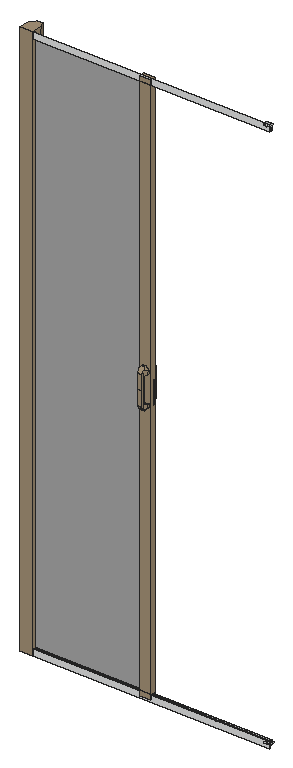
Revit family "Screen_Door_LegacySeries_PhantomScreen-1", category Doors, host Wall, Revit 2026
Family settings
  Host = Wall
  Classification Number = 23.30.60.21
  Always vertical = Yes
  Cut with Voids When Loaded = No
  Shared = No
  Room Calculation Point = No
Parameters (values of type "Type as Specified")
  URL = "http://www.phantomscreens.com/"
  Track Height = 0' - 0.931"
  Track Depth = 0' - 0.511"
  Specification = "http://www.phantomscreens.com/architects-designers/specifications-binder/"
  Slide Bar Width = 0' - 1.732"
  Slide Bar Depth = 0' - 0.866"
  Slide Bar = Dark Knotty Pine
  Sill Height = 0' - 1"
  Sill Depth = 0' - 1.54384"
  Sill [instance] = no
  Screen Thickness = 0' - 0 1/32"
  Screen = Phifer 20/20 Insect Mesh – Gray
  Sales Information = "http://www.phantomscreens.com/support/"
  Revision = "R1_08-2016"
  Product Properties = "http://www.phantomscreens.com/drive/uploads/2015/03/Legacy-Door-Design-Spec-Assembled-View.pdf"
  Product Data = "http://www.arcat.com/arcatcos/cos9540/arc40535.html"
  Percent Open [instance] = 50
  Model = "Legacy Series"
  Manufacturer Website = "http://www.phantomscreens.com/"
  Manufacturer Phone - Toll Free = ""
  Manufacturer Phone = "604-855-3654"
  Manufacturer Fax = "604-855-7834"
  Manufacturer Address = "30451 Simpson Rd.; Abbotsford; BC; Canada V2T 6C7"
  Manufacturer = "Phantom Screens"
  Keynote = "08 11 00"
  Installation-Fabrication = "http://www.phantomscreens.com/architects-designers/options/"
  Housing Width = 0' - 1 7/8"
  Housing Depth = 0' - 2 49/64"
  Handle Width = 0' - 1.266"
  Handle Height = 0' - 6.031"
  Handle Depth = 0' - 0 109/128"
  Function = Interior
  Height [instance] = 7' - 0"
  Wall Closure = By host
  Width [instance] = 3' - 0"
  Drawn By = "Sumex Design - Robert S Weygant"
  Door Opening [instance] = Width * (Percent Open / 100)  # 1' - 6"
  Description = "Phantom Screens Legacy Series Screen"
  Copyright = "� 2016 ARCAT Inc."
  Construction Details = "http://www.arcat.com/details/phantoms/95prod3445.html"
  Assembly Code = "B2020400"
  Aluminum Track = Aluminum - Flat
  Aluminum Housing = Dark Knotty Pine
Reference planes (in)
  plane 1 "Center (Front/Back)": y = 0
  plane 2 "Center (Left/Right)": x = -7.25
  plane 3 "Top": z = 84
  plane 4 "Exterior": y = 2.96884
  plane 5 "Interior": y = -3.03116
  plane 6: x = -27.125
  plane 7: z = 84.931
  plane 8: z = 0.931
  plane 9: y = 3.47984
  plane 10: y = 3.83484
  plane 11: y = 3.44859
  plane 12: x = -8.982
  plane 13 "Track Bar": x = -7.25
  plane 14: x = -25.25
  plane 15: y = 3.41734
  plane 16: y = 4.71756
  plane 17: x = 10.75
  plane 18: z = 1
  plane 19: y = 3.29405
  plane 20: y = 1.425
  plane 21: z = 42.5
  plane 22: z = 45.5155
  plane 23: z = 39.4845
  plane 24 "Handle Placement": x = -8.24596
  plane 25: x = 9.96875
  plane 26: y = 3.55502
  plane 27: y = 2.96884
  plane 28: y = 3.375
  plane 29: y = 5.48446
Forms (in)
  Extrusion 1, solid, material "Dark Knotty Pine" <- "Aluminum Housing"
    sketch origin (0, 0, 0) x (1, 0, 0) y (0, 1, 0)
      loop
        line (-27.125, 2.96884) -> (-25.25, 2.96884) -> (-25.25, 4.6231) -> (-25.74731, 5.48446) -> (-26.1875, 5.48446) -> (-26.66701, 5.48446) -> (-27.125, 4.6231) -> (-27.125, 2.96884)
    from 0 to 84.931
  Extrusion 2, solid, material "Dark Knotty Pine" <- "Slide Bar"
    sketch origin (0, 0, 0) x (1, 0, 0) y (0, 1, 0)
      loop
        line (-8.982, 3.83484) -> (-8.982, 2.96884) -> (-7.25, 2.96884) -> (-7.25, 3.64791) -> (-7.47277, 3.83484) -> (-8.982, 3.83484)
    from 1 to 84
  Extrusion 3, solid, material "Phifer 20/20 Insect Mesh – Gray" <- "Screen"
    sketch origin (0, 0, 0) x (1, 0, 0) y (0, 1, 0)
      loop
        line (-25.25, 3.44859) -> (-25.25, 3.41734) -> (-8.982, 3.41734) -> (-8.982, 3.44859) -> (-25.25, 3.44859)
    from 0.931 to 84
  Extrusion 4, solid, material "Aluminum - Flat" <- "Aluminum Track", visible <- "Sill"
    sketch origin (-7.25, 0, 0) x (0, 1, 0) y (0, 0, 1)
      loop
        line (1.44844, 1) -> (1.44844, 0.931) -> (2.91584, 0.86535) -> (2.91584, 0) -> (3.44078, 0) -> (3.44078, 0.08471) -> (2.99228, 0.08471) -> (2.99228, 0.931) -> (1.44844, 1)
    from -18 to 18
  Extrusion 5, solid, material "Aluminum - Flat"
    sketch origin (-7.25, 0, 0) x (0, 1, 0) y (0, 0, 1)
      loop
        line (3.47984, 84) -> (3.47984, 84.6095) -> (3.09384, 84.6095) -> (3.09384, 84.931) -> (2.96884, 84.931) -> (2.96884, 84) -> (3.09384, 84) -> (3.09384, 84.488) -> (3.35484, 84.488) -> (3.35484, 84) -> (3.47984, 84)
    from -18 to 18
  Extrusion 6, solid, material "Aluminum - Flat"
    sketch origin (-7.25, 0, 0) x (0, 1, 0) y (0, 0, 1)
      loop
        line (3.47984, 0.931) -> (3.35484, 0.931) -> (3.35484, 0.4365) -> (3.09384, 0.4365) -> (3.09384, 0.931) -> (2.96884, 0.931) -> (2.96884, 0) -> (3.09384, 0) -> (3.09384, 0.315) -> (3.47984, 0.315) -> (3.47984, 0.931)
    from -18 to 18
Text (in)
  text "Exterior" at (-62.02911, 27.31104, 0), in view "Ref. Level"
  text "Interior" at (-62.02911, -25.14366, 0), in view "Ref. Level"
  text "Exterior" at (0, 40.15149, 123.01588), in view "Right"
  text "Interior" at (0, -64.39139, 123.01588), in view "Right"
  text "Interior" at (0, -31.01599, 123.00693), in view "Left"
  text "Exterior" at (0, 54.57065, 123.00693), in view "Left"
Dimensions and locks (in)
  "Height": level to plane 3 "Top"
  "Track Height": plane 3 "Top" to plane 7
  "Track Height": level to plane 8
  "Track Depth": plane 9 to plane 4 "Exterior"
  "Slide Bar Depth": plane 10 to plane 4 "Exterior"
  "Screen Thickness": plane 9 to plane 11
  "Slide Bar Width": plane 12 to plane 13 "Track Bar"
  equal spacing: plane 14, plane 2 "Center (Left/Right)", plane 17
  "Screen Thickness": plane 15 to plane 11
  "Width": plane 14 to plane 17
  "Housing Width": plane 6 to plane 14
  "Door Opening": plane 13 "Track Bar" to plane 17
  "Sill Height": level to plane 18
  "Sill Depth": plane 4 "Exterior" to plane 20
  equal spacing: plane 22, plane 21, plane 23
  "Handle Height": plane 23 to plane 22
  locked: plane 13 "Track Bar" to plane 24 "Handle Placement" at 0.99596
  locked: plane 26 to plane 19 at 0.26097
  locked: plane 29 to host wall at 5.51563
  aligned and locked: plane 4 "Exterior" to host wall
  aligned and locked: plane 5 "Interior" to host wall
  aligned and locked: plane 6 to Extrusion 1 sketch curve
  aligned and locked: Extrusion 1 to level
  aligned and locked: Extrusion 1 to plane 7
  aligned and locked: plane 7 to Extrusion 1
  aligned and locked: plane 10 to Extrusion 2 sketch curve
  aligned and locked: plane 12 to Extrusion 2 sketch curve
  aligned and locked: Extrusion 2 sketch curve to plane 4 "Exterior"
  aligned and locked: Extrusion 2 sketch curve to plane 13 "Track Bar"
  aligned and locked: Extrusion 2 to plane 3 "Top"
  aligned and locked: plane 11 to Extrusion 3 sketch curve
  aligned and locked: Extrusion 3 sketch curve to plane 14
  aligned and locked: plane 15 to Extrusion 3 sketch curve
  aligned and locked: Extrusion 3 sketch curve to plane 12
  aligned and locked: Extrusion 3 to plane 3 "Top"
  aligned and locked: Extrusion 1 sketch curve to plane 4 "Exterior"
  aligned and locked: plane 18 to Extrusion 2
  aligned and locked: plane 24 "Handle Placement" to nested 1
  aligned and locked: Extrusion 2 to plane 10
  aligned and locked: nested 2 to plane 24 "Handle Placement"
  aligned and locked: nested 2 to Extrusion 2
  aligned and locked: nested 1 to plane 22
  aligned and locked: nested 2 to plane 23
  aligned and locked: plane 10 to nested 1
  aligned and locked: plane 3 "Top" to Extrusion 5 sketch curve
  aligned and locked: Extrusion 5 sketch curve to plane 7
  aligned and locked: plane 8 to Extrusion 6 sketch curve  (x2)
  aligned and locked: Extrusion 6 sketch curve to Extrusion 1
  aligned and locked: Extrusion 6 to plane 17
  aligned and locked: Extrusion 5 to plane 17
  aligned and locked: plane 14 to Extrusion 5
  aligned and locked: plane 14 to Extrusion 6
  aligned and locked: Extrusion 4 to plane 17
  aligned and locked: plane 14 to Extrusion 4
  aligned and locked: plane 27 to host wall
  aligned and locked: plane 4 "Exterior" to nested 4
  aligned and locked: nested 4 to Extrusion 6
  aligned and locked: nested 5 to plane 12
  aligned and locked: nested 5 to plane 13 "Track Bar"
  aligned and locked: plane 3 "Top" to nested 5
  aligned and locked: Extrusion 2 to plane 12
  aligned and locked: plane 13 "Track Bar" to Extrusion 2
  aligned and locked: nested 6 to Extrusion 2
  aligned and locked: nested 6 to plane 12
  aligned and locked: nested 6 to plane 10
  aligned and locked: plane 4 "Exterior" to nested 6
  aligned and locked: nested 5 to plane 10
  aligned and locked: plane 4 "Exterior" to nested 5
  aligned and locked: plane 4 "Exterior" to nested 3
  aligned and locked: plane 29 to Extrusion 1  (x2)
Automatic sketch dimensions
  Extrusion 2 sketch curve to plane 9 = 0' - 0.16807"
  Extrusion 2 sketch curve to Extrusion 2 sketch curve = 0' - 0.22277"
  plane 8 to Extrusion 4 sketch curve = 0' - 0"  (x2)
  plane 18 to Extrusion 4 sketch curve = 0' - 0"
  Extrusion 4 sketch curve to level = 0' - 0"
  plane 20 to Extrusion 4 sketch curve = 0' - 0 3/128"
  Extrusion 4 sketch curve to host wall = 0' - 0.053"
  host wall to Extrusion 4 sketch curve = 0' - 0 3/128"
  plane 11 to Extrusion 4 sketch curve = 0' - 0 1/128"
  level to Extrusion 4 sketch curve = 0' - 0.08471"
  plane 8 to Extrusion 4 sketch curve = 0' - 0.06565"
  Extrusion 5 sketch curve to Extrusion 5 sketch curve = 0' - 0 1/8"
  Extrusion 5 sketch curve to Extrusion 5 sketch curve = 0' - 0.1215"
  Extrusion 5 sketch curve to Extrusion 5 sketch curve = 0' - 0.3215"
  Extrusion 5 sketch curve to plane 9 = 0' - 0"
  Extrusion 5 sketch curve to plane 15 = 0' - 0 1/16"
  Extrusion 5 sketch curve to host wall = 0' - 0"
  Extrusion 5 sketch curve to Extrusion 5 sketch curve = 0' - 0"
  Extrusion 6 sketch curve to host wall = 0' - 0"
  Extrusion 6 sketch curve to plane 9 = 0' - 0"
  host wall to Extrusion 6 sketch curve = 0' - 0 1/8"
  Extrusion 6 sketch curve to Extrusion 6 sketch curve = 0' - 0"
  Extrusion 6 sketch curve to plane 15 = 0' - 0 1/16"
  level to Extrusion 6 sketch curve = 0' - 0.315"
  Extrusion 6 sketch curve to Extrusion 6 sketch curve = 0' - 0.1215"
  plane 3 "Top" to Extrusion 5 sketch curve = 0' - 0"
  Extrusion 1 sketch curve to plane 14 = 0' - 0"
  plane 6 to Extrusion 1 sketch curve = 0' - 0 15/16"
  plane 16 to Extrusion 1 sketch curve = 0' - 0.09446"  (x2)
  plane 6 to Extrusion 1 sketch curve = 0' - 0.45799"
  Extrusion 1 sketch curve to Extrusion 1 sketch curve = 0' - 0.44019"
  Extrusion 1 sketch curve to plane 29 = 0' - 0"
Nested families (in)
  nested 1: "Family4" at (-8.24596, 4.26062, 42.5) x (-1, 0, 0) z (0, 0, 1), type "Family4"
    with Width 0' - 1.266", Height 0' - 6.031", Depth 0' - 0 109/128"
  nested 2: "Family4" at (-8.24596, 2.54306, 42.5), type "Family4"
    with Width 0' - 1.266", Height 0' - 6.031", Depth 0' - 0 109/128"
  nested 3: "Track Latch Family" at (10.35937, 3.34384, 84.55481) x (-1, 0, 0) z (0, 0, 1), type "Track Latch Family"
  nested 4: "Lower Track Latch" at (10.35937, 3.33538, 0.4365) x (-1, 0, 0) z (0, 0, 1), type "Lower Track Latch"
  nested 5: "End Caps" at (-8.21484, 3.14023, 84), type "End Caps"
  nested 6: "End Caps" at (-8.21484, 3.14023, 0.25), type "End Caps"
Definition of nested family "Family4"
  Parameters
    Width = 0' - 1 1/2"
    Height = 0' - 6 1/32"
    Handle = none
    Depth = 0' - 1"
    Default Elevation = 0' - 0"
  Reference planes (in)
    plane 1 "Center (Front/Back)": y = 0
    plane 2: z = 0
    plane 3 "Center (Left/Right)": x = 0
    plane 4: y = 0.5
    plane 5: x = 0.75
    plane 6: y = -0.5
    plane 7: x = -0.75
    plane 8: z = 3.01562
    plane 9: z = -3.01563
  Forms (in)
    Extrusion 1, solid, material <- "Handle"
      sketch origin (0, 0, 0) x (0, 1, 0) y (0, 0, 1)
        loop
          line (0.5, 3.01562) -> (0.25, 3.01562) -> (-0.5, 2.26562) -> (-0.5, 0) -> (-0.5, -2.26563) -> (0.25, -3.01563) -> (0.5, -3.01563) -> (0.5, -2.01563) -> (0, -2.01563) -> (-0.17678, -1.83885) -> (-0.17678, 0) -> (-0.17678, 1.83885) -> (0, 2.01562) -> (0.5, 2.01562) -> (0.5, 3.01562)
      from -0.75 to 0.75
    Extrusion 2, void
      sketch origin (0, 0, 0) x (1, 0, 0) y (0, 1, 0)
        loop
          line (-0.75, 0.25) -> (-0.75, -0.5) -> (-0.32322, -0.5) -> (-0.32322, -0.25861) -> (-0.75, 0.25)
        loop
          line (0.32322, -0.25861) -> (0.32322, -0.5) -> (0.75, -0.5) -> (0.75, 0.25) -> (0.32322, -0.25861)
      from -3.01562 to 3.01562
    Extrusion 3, void
      sketch origin (0, 0, 0) x (1, 0, 0) y (0, 0, 1)
        loop
          line (-0.75, 2.51562) -> (-0.25, 3.01562) -> (-0.75, 3.01562) -> (-0.75, 2.51562)
        loop
          line (0.75, 2.51563) -> (0.75, 3.01563) -> (0.25, 3.01563) -> (0.75, 2.51563)
        loop
          line (-0.75, -2.51563) -> (-0.75, -3.01563) -> (-0.25, -3.01563) -> (-0.75, -2.51563)
        loop
          line (0.75, -2.51563) -> (0.25, -3.01563) -> (0.75, -3.01563) -> (0.75, -2.51563)
      from -0.5 to 0.5
  Cuts and joins
    Extrusion 2, Extrusion 3 cuts Extrusion 1
  Dimensions and locks (in)
    equal spacing: plane 7, plane 3 "Center (Left/Right)", plane 5
    equal spacing: plane 6, plane 1 "Center (Front/Back)", plane 4
    "Depth": plane 6 to plane 4
    "Width": plane 7 to plane 5
    equal spacing: plane 8, level, plane 9
    "Height": plane 8 to plane 9
    plane 1 "Center (Front/Back)" to Extrusion 1 = 0' - 0 1/2"
    aligned and locked: plane 2 to level
    aligned and locked: plane 7 to Extrusion 1
    aligned and locked: plane 5 to Extrusion 1
    aligned and locked: Extrusion 2 sketch curve to plane 6
    aligned and locked: plane 6 to Extrusion 2 sketch curve
    aligned and locked: plane 5 to Extrusion 2 sketch curve
    aligned and locked: Extrusion 2 sketch curve to plane 7
    aligned and locked: Extrusion 2 to plane 9
    aligned and locked: plane 8 to Extrusion 2
    aligned and locked: plane 4 to Extrusion 3
    aligned and locked: plane 6 to Extrusion 3
  Automatic sketch dimensions
    Extrusion 1 sketch curve to level = 0' - 0"  (x2)
    Extrusion 1 sketch curve to plane 1 "Center (Front/Back)" = 0' - 0"  (x2)
    Extrusion 1 sketch curve to plane 8 = 0' - 0"
    Extrusion 1 sketch curve to plane 4 = 0' - 0"  (x2)
    plane 1 "Center (Front/Back)" to Extrusion 1 sketch curve = 0' - 0.17678"
    Extrusion 1 sketch curve to Extrusion 1 sketch curve = 0' - 0 1/4"
    Extrusion 1 sketch curve to Extrusion 1 sketch curve = 0' - 1"
    Extrusion 1 sketch curve to Extrusion 1 sketch curve = 0' - 0.17678"  (x2)
    Extrusion 1 sketch curve to plane 8 = 0' - 1.17678"
    Extrusion 1 sketch curve to Extrusion 1 sketch curve = 0' - 0.42678"
    Extrusion 1 sketch curve to plane 9 = 0' - 0"
    Extrusion 1 sketch curve to plane 1 "Center (Front/Back)" = 0' - 0 1/4"
    plane 9 to Extrusion 1 sketch curve = 0' - 0 3/4"
    Extrusion 1 sketch curve to plane 6 = 0' - 0"
    Extrusion 2 sketch curve to plane 3 "Center (Left/Right)" = 0' - 0.32322"
    plane 3 "Center (Left/Right)" to Extrusion 2 sketch curve = 0' - 0.32322"
    plane 1 "Center (Front/Back)" to Extrusion 2 sketch curve = 0' - 0.25861"
    Extrusion 2 sketch curve to plane 1 "Center (Front/Back)" = 0' - 0 1/4"  (x2)
    Extrusion 2 sketch curve to Extrusion 2 sketch curve = 0' - 0.24139"
    plane 7 to Extrusion 3 sketch curve = 0' - 0"  (x2)
    Extrusion 3 sketch curve to plane 8 = 0' - 0"  (x2)
    Extrusion 3 sketch curve to plane 9 = 0' - 0"  (x2)
    Extrusion 3 sketch curve to plane 5 = 0' - 0"  (x2)
    Extrusion 3 sketch curve to plane 3 "Center (Left/Right)" = 0' - 0 1/4"  (x2)
    plane 3 "Center (Left/Right)" to Extrusion 3 sketch curve = 0' - 0 1/4"  (x2)
    plane 9 to Extrusion 3 sketch curve = 0' - 0 1/2"
    Extrusion 3 sketch curve to Extrusion 3 sketch curve = 0' - 0 1/2"
    Extrusion 3 sketch curve to plane 8 = 0' - 0 1/2"  (x2)
Definition of nested family "Track Latch Family"
  Parameters
    Width = 0' - 0 25/32"
    Upper Latch = none
    Default Elevation = 0' - 0"
  Reference planes (in)
    plane 1 "Center (Front/Back)": y = 0
    plane 2: z = 0
    plane 3 "Center (Left/Right)": x = 0
    plane 4: z = 0.34375
    plane 5: x = 0.39063
    plane 6: x = -0.39062
    plane 7: y = 0.375
    plane 8: y = -0.375
  Forms (in)
    Extrusion 1, solid, material <- "Upper Latch"
      sketch origin (0, 0, 0.05469) x (1, 0, 0) y (0, 0, 1)
        loop
          line (-0.39062, 0.28906) -> (-0.39062, 0) -> (0.01899, 0) -> (0.01899, -0.0619) -> (0.39063, 0) -> (0.39063, 0.28906) -> (-0.39062, 0.28906)
      from -0.375 to 0.375
    Extrusion 2, void
      sketch origin (0, 0, 0) x (0, 1, 0) y (0, 0, 1)
        loop
          arc (-0.375, 0.09707) -> (-0.2114, 0.25673) -> (0, 0.34375) r 0.60095
          line (0, 0.34375) -> (-0.375, 0.34375) -> (-0.375, 0.09707)
      from -0.39062 to 0.39062
    Extrusion 3, void
      sketch origin (0, 0, 0) x (1, 0, 0) y (0, 0, 1)
        loop
          line (-0.32812, 0.34375) -> (-0.32812, 0.13527) -> (-0.07812, 0.13527) -> (-0.07812, 0.34375) -> (-0.32812, 0.34375)
        loop
          line (0.0373, 0.34375) -> (0.0373, 0.13527) -> (0.28915, 0.13527) -> (0.28915, 0.34375) -> (0.0373, 0.34375)
      from -0.28879 to 0.375
  Cuts and joins
    Extrusion 2, Extrusion 3 cuts Extrusion 1
  Dimensions and locks (in)
    equal spacing: plane 5, plane 3 "Center (Left/Right)", plane 6
    "Width": plane 5 to plane 6
    equal spacing: plane 7, plane 1 "Center (Front/Back)", plane 8
    plane 7 to plane 8 = 0' - 0 3/4"
    aligned and locked: plane 2 to level
    aligned and locked: plane 7 to Extrusion 1
    aligned and locked: Extrusion 1 to plane 8
    aligned and locked: Extrusion 2 to plane 6
    aligned and locked: plane 5 to Extrusion 2
    aligned and locked: Extrusion 1 to Extrusion 3
  Automatic sketch dimensions
    Extrusion 1 sketch curve to plane 6 = 0' - 0"
    level to Extrusion 1 sketch curve = 0' - 0 7/128"  (x2)
    Extrusion 1 sketch curve to plane 5 = 0' - 0"
    plane 3 "Center (Left/Right)" to Extrusion 1 sketch curve = 0' - 0.01899"
    plane 4 to Extrusion 1 sketch curve = 0' - 0"
    Extrusion 1 sketch curve to level = 0' - 0.00721"
    Extrusion 2 sketch curve to plane 8 = 0' - 0"
    Extrusion 2 sketch curve to plane 1 "Center (Front/Back)" = 0' - 0"
    Extrusion 2 sketch curve to plane 4 = 0' - 0"
    Extrusion 2 sketch curve to plane 1 "Center (Front/Back)" = 0' - 0.11887"
    level to Extrusion 2 sketch curve = 0' - 0.09707"
    Extrusion 3 sketch curve to plane 4 = 0' - 0"  (x2)
    plane 6 to Extrusion 3 sketch curve = 0' - 0 1/16"
    Extrusion 3 sketch curve to plane 3 "Center (Left/Right)" = 0' - 0 5/64"
    plane 3 "Center (Left/Right)" to Extrusion 3 sketch curve = 0' - 0.0373"
    Extrusion 3 sketch curve to plane 5 = 0' - 0.10148"
    level to Extrusion 3 sketch curve = 0' - 0.13527"
    Extrusion 3 sketch curve to Extrusion 3 sketch curve = 0' - 0"
Definition of nested family "Lower Track Latch"
  Parameters
    Lower Latch = none
    Default Elevation = 0' - 0"
  Reference planes (in)
    plane 1 "Center (Front/Back)": y = 0
    plane 2: z = 0
    plane 3 "Center (Left/Right)": x = 0
    plane 4: z = 0.31094
    plane 5: x = -0.42075
    plane 6: x = 0.43863
    plane 7: y = -0.36654
    plane 8: y = 0.36654
  Forms (in)
    Extrusion 1, solid, material <- "Lower Latch"
      sketch origin (0, 0, 0) x (1, 0, 0) y (0, 0, 1)
        loop
          line (-0.42075, 0) -> (0.43863, 0) -> (0.43863, 0.12882) -> (0, 0.31094) -> (0, 0.12882) -> (-0.42075, 0.12882) -> (-0.42075, 0)
      from -0.36654 to 0.36654
  Dimensions and locks (in)
    plane 6 to plane 5 = 0' - 0 55/64"
    plane 6 to plane 3 "Center (Left/Right)" to plane 5 = 0' - 0.43863", 0' - 0.42075"
    plane 8 to plane 7 = 0' - 0.73308"
    equal spacing: plane 8, plane 1 "Center (Front/Back)", plane 7
    aligned and locked: plane 2 to level
    aligned and locked: Extrusion 1 to plane 3 "Center (Left/Right)"
    aligned and locked: Extrusion 1 to plane 5
    aligned and locked: plane 6 to Extrusion 1
    aligned and locked: Extrusion 1 to level
    aligned and locked: Extrusion 1 to plane 8
    aligned and locked: plane 7 to Extrusion 1
  Automatic sketch dimensions
    Extrusion 1 sketch curve to plane 5 = 0' - 0"
    Extrusion 1 sketch curve to plane 3 "Center (Left/Right)" = 0' - 0"
    Extrusion 1 sketch curve to plane 6 = 0' - 0"
    Extrusion 1 sketch curve to level = 0' - 0"
    Extrusion 1 sketch curve to plane 4 = 0' - 0"
    level to Extrusion 1 sketch curve = 0' - 0.12882"  (x2)
Definition of nested family "End Caps"
  Parameters
    End Caps = none
    Default Elevation = 0' - 0"
  Reference planes (in)
    plane 1 "Center (Front/Back)": y = 0
    plane 2: z = 0
    plane 3 "Center (Left/Right)": x = 0
    plane 4: y = 0.6946
    plane 5: x = 0.96484
    plane 6: y = -0.1714
    plane 7: x = -0.76716
    plane 8: z = 0.75
  Forms (in)
    Extrusion 1, solid, material <- "End Caps"
      sketch origin (0, 0, 0) x (1, 0, 0) y (0, 1, 0)
        loop
          line (-0.76716, 0.6946) -> (-0.76716, -0.1714) -> (0.96484, -0.1714) -> (0.96484, 0.47651) -> (0.70493, 0.6946) -> (-0.76716, 0.6946)
      from 0 to 0.75
  Lines and regions (in)
    model lines
      curve 1: line (-0.76716, 0.6946, 0) -> (0.70493, 0.6946, 0)
      curve 2: line (-0.76716, -0.1714, 0) -> (-0.76716, 0.6946, 0)
      curve 3: line (0.96484, -0.1714, 0) -> (-0.76716, -0.1714, 0)
      curve 4: line (0.96484, 0.47651, 0) -> (0.96484, -0.1714, 0)
      curve 5: line (0.96484, 0.47651, 0) -> (0.70493, 0.6946, 0)
  Dimensions and locks (in)
    aligned and locked: plane 2 to level
    aligned and locked: plane 8 to Extrusion 1
